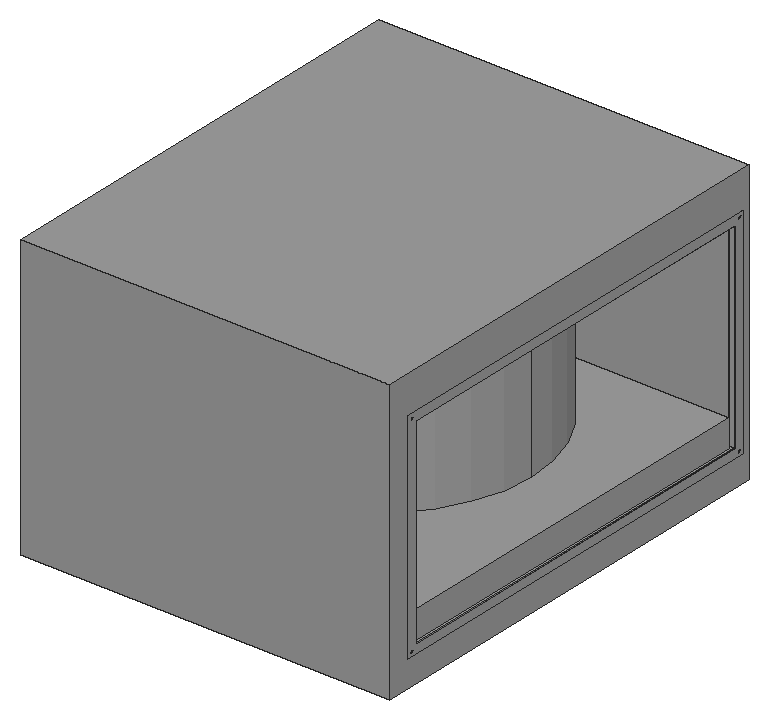
Revit family "BIMLIB_КанальныйВентилятор_IRF-VIM_IRF-B-VIM_IRF-B-EC_SHUFT", category Оборудование, Revit 2017
Family settings
  Размер круглого соединителя = Использовать диаметр
  Тип детали = Вставляется
  На основе рабочей плоскости = Нет
  Всегда вертикально = Да
  При загрузке вырезать с полостями = Нет
  Общий = Нет
  Точка расчета площади = Нет
Parameters (values of type "IRFD-B EC 1000x500")
  Повернуть УГО [instance] = yes
  Описание = "Корпус вентиляторов серии RFE-B EC изготовлен из оцинкованной стали. Вентиляторы оборудованы высокоэффективной крыльчаткой с вперед загнутыми лопатками и асинхронным двигателем с внешним ротором IP54, клеммная коробка IP55. Рабочее колесо установлено методом напрессовки непосредственно на ротор электродвигателя. Электродвигатель с рабочим колесом статически и динамически сбалансированы в двух плоскостях. Шариковые подшипники двигателя не требуют техобслуживания. Защита двигателя вентилятора осуществляется встроенными термоконтактами, требующими подключения внешнего защитного термореле. В случае применения пятиступенчатых регуляторов скорости TRE-T и TRD-T дополнительное защитное термореле не нужно. Регулирование скорости вентилятора осуществляется путем изменения напряжения за счет использования пятиступенчатых трансформаторов TRE-T, TRD-T или однофазных плавных регуляторов скорости SRE."
  Климатическое исполнение = "У2"  # constant formula
  Изготовитель = "ООО «Завод ВКО» марка SHUFT"  # constant formula
  Высота коннекторов = ADSK_Размер_Высота / 2  # 250 mm
  r1 [instance] = size_lookup("Размеры", "r1", 0 mm, H, W, Тип, if(Модификация S, 1, 0), if(Модицикация M, 1, 0))  # 390 mm
  r [instance] = d / 2  # 5 mm
  d [instance] = size_lookup("Размеры", "d", 0 mm, H, W, Тип, if(Модификация S, 1, 0), if(Модицикация M, 1, 0))  # 10 mm
  Watermark [instance] = "Модели защищены уникальным кодом"
  W3 [instance] = size_lookup("Размеры", "W3", 0 mm, H, W, Тип, if(Модификация S, 1, 0), if(Модицикация M, 1, 0))  # 1120 mm
  W2 [instance] = size_lookup("Размеры", "W2", 0 mm, H, W, Тип, if(Модификация S, 1, 0), if(Модицикация M, 1, 0))  # 1044 mm
  W1 [instance] = size_lookup("Размеры", "W1", 0 mm, H, W, Тип, if(Модификация S, 1, 0), if(Модицикация M, 1, 0))  # 1022 mm
  W = ADSK_Размер_Ширина  # 1000 mm
  Модификация S = no
  URL = "http://www.shuft.ru/"
  Тип = 35
  Модицикация M = no
  L1 [instance] = size_lookup("Размеры", "L1", 0 mm, H, W, Тип, if(Модификация S, 1, 0), if(Модицикация M, 1, 0))  # 955 mm
  L [instance] = size_lookup("Размеры", "L", 0 mm, H, W, Тип, if(Модификация S, 1, 0), if(Модицикация M, 1, 0))  # 922 mm
  IP Двигателя = "IP54"  # constant formula
  H2 [instance] = size_lookup("Размеры", "H2", 0 mm, H, W, Тип, if(Модификация S, 1, 0), if(Модицикация M, 1, 0))  # 544 mm
  H1 [instance] = size_lookup("Размеры", "H1", 0 mm, H, W, Тип, if(Модификация S, 1, 0), if(Модицикация M, 1, 0))  # 522 mm
  H3 [instance] = size_lookup("Размеры", "H3", 0 mm, H, W, Тип, if(Модификация S, 1, 0), if(Модицикация M, 1, 0))  # 705 mm
  H = ADSK_Размер_Высота  # 500 mm
  BL_Разработано = "support@bimlib.pro"  # constant formula
  BL_Email = "bimmodels@rusklimat.ru"  # constant formula
  BL_BIM library = "https://bimlib.pro/manufacturer/company/23829"
  ADSK_Частота вращения двигателя [instance] = size_lookup("Данные", "ADSK_Частота вращения двигателя", 0, H, W, L, Тип)  # 1550
  ADSK_Ток [instance] = size_lookup("Данные", "ADSK_Ток", 0 A, H, W, L, Тип)  # 5.6 A
  ADSK_Расход воздуха [instance] = 0.0 L/s
  ADSK_Размер_Ширина = 1000 mm
  ADSK_Размер_Длина [instance] = size_lookup("Размеры", "L", 0 mm, H, W, Тип, if(Модификация S, 1, 0), if(Модицикация M, 1, 0))  # 922 mm
  ADSK_Размер_Высота = 500 mm
  ADSK_Примечание [instance] = ""
  ADSK_Потеря давления воздуха [instance] = 0.0 Pa
  ADSK_Полная мощность [instance] = ADSK_Номинальная мощность / ADSK_Коэффициент мощности  # 3.5 kW
  ADSK_Позиция = ""
  ADSK_Обозначение = ""
  ADSK_Номинальная мощность [instance] = size_lookup("Данные", "ADSK_Номинальная мощность", 0 kW, H, W, L, Тип)  # 3.5 kW
  ADSK_Напряжение [instance] = size_lookup("Данные", "f", 0, H, W, L, Тип, if([230B], 1, 0), if([400B], 1, 0)) * 1 V  # 400 V
  ADSK_Наименование = "Канальный вентилятор IRFD-B EC 1000x500"
  ADSK_Материал = BIMLIB_Сталь_SHUFT
  ADSK_Масса [instance] = size_lookup("Данные", "ADSK_Масса", 0, H, W, L)  # 163
  ADSK_Марка [instance] = size_lookup("Данные", "", "Нет решения", H, W, L, Тип, if([230B], 1, 0), if([400B], 1, 0), if(Модификация S, 1, 0), if(Модицикация M, 1, 0))  # "IRFD-B EC 1000x500"
  ADSK_Коэффициент мощности = 1
  ADSK_Количество фаз = 3
  ADSK_Код изделия [instance] = ADSK_Марка  # "IRFD-B EC 1000x500"
  ADSK_Классификация нагрузок = Прочее
  ADSK_Завод-изготовитель = "ООО «Завод ВКО» марка SHUFT"  # constant formula
  ADSK_Единица измерения = "шт."  # constant formula
  ADSK_Версия семейства = "v.1"  # constant formula
  ADSK_Версия Revit = "2017"  # constant formula
  ADSK_URL страницы изделия = "http://www.shuft.ru/catalog/1/200/3000/101670/"
  ADSK_URL документации изделия = "http://www.shuft.ru/upload/downloads/passport-IRF-Vim.pdf"
  400B = yes
  230B = no
Reference planes
  plane 1 "По центру (Вперед/Назад)": y = 0
  plane 2: z = 0
  plane 3 "По центру (Влево/Вправо)": x = 0
  plane 4: x = 477.5
  plane 5: x = -477.5
  plane 6: z = 250
  plane 7: z = -250
  plane 8: y = -500
  plane 9: y = 500
  plane 10: z = -272
  plane 11: z = 272
  plane 12: y = 522
  plane 13: y = -522
  plane 14: z = -261
  plane 15: z = 261
  plane 16: y = -511
  plane 17: y = 511
  plane 18: x = 467.5
  plane 19: x = -467.5
  plane 20: x = -75
  plane 21: y = 66.6
  plane 22: y = -490
  plane 23: y = 490
  plane 24: x = -461
  plane 25: x = 461
  plane 26: z = 352.5
  plane 27: z = -352.5
  plane 28: y = -560
  plane 29: y = 560
Forms (mm)
  Extrusion 1, solid, material "BIMLIB_Сталь_SHUFT" <- "ADSK_Материал", detail levels medium+fine
    sketch origin (0, 0, 0) x (0, 1, 0) y (0, 0, 1)
      loop
        line (-500, 250) -> (-500, -250) -> (500, -250) -> (500, 250) -> (-500, 250)
      loop
        line (-499, -249) -> (499, -249) -> (499, 249) -> (-499, 249) -> (-499, -249)
    from -476.5 to 476.5
  Extrusion 2, solid, material "BIMLIB_Сталь_SHUFT" <- "ADSK_Материал", detail levels medium+fine
    sketch origin (0, 0, 0) x (0, 1, 0) y (0, 0, -1)
      loop
        line (-522, -272) -> (522, -272) -> (522, 272) -> (-522, 272) -> (-522, -272)
      loop
        line (-500, -250) -> (500, -250) -> (500, 250) -> (-500, 250) -> (-500, -250)
    from -477.5 to -476.5
  Extrusion 3, solid, material "BIMLIB_Сталь_SHUFT" <- "ADSK_Материал", detail levels medium+fine
    sketch origin (0, 0, 0) x (0, 1, 0) y (0, 0, 1)
      loop
        line (-522, 272) -> (-522, -272) -> (522, -272) -> (522, 272) -> (-522, 272)
      loop
        line (-499, 249) -> (-499, -249) -> (499, -249) -> (499, 249) -> (-499, 249)
    from -477.5 to -476.5
  Extrusion 4, void
    sketch origin (0, 0, 0) x (0, 1, 0) y (0, 0, 1)
      loop
        circle (-511, 261) r 5
      loop
        circle (511, 261) r 5
      loop
        circle (-511, -261) r 5
      loop
        circle (511, -261) r 5
    from -476.5 to -477.5
  Extrusion 5, void
    sketch origin (0, 0, 0) x (0, 1, 0) y (0, 0, -1)
      loop
        circle (-511, -261) r 5
      loop
        circle (511, -261) r 5
      loop
        circle (-511, 261) r 5
      loop
        circle (511, 261) r 5
    from -476.5 to -477.5
  Extrusion 6, solid, material "BIMLIB_Сталь_SHUFT" <- "ADSK_Материал", detail levels fine
    sketch origin (0, 0, 0.827) x (0, 1, 0) y (0, 0, 1)
      loop
        line (-490, -249.827) -> (490, -249.827) -> (490, -180.827) -> (-490, -180.827) -> (-490, -249.827)
    from 467.5 to -467.5
  Extrusion 7, solid, material "BIMLIB_Сталь_SHUFT" <- "ADSK_Материал", detail levels fine
    sketch origin (0, 0, 0) x (1, 0, 0) y (0, 1, 0)
      loop
        circle (-75, 66.6) r 390
    from 250 to -180
  Extrusion 8, solid, material "BIMLIB_Сталь_SHUFT" <- "ADSK_Материал", detail levels medium+fine
    sketch origin (0, 0, 0) x (0, 1, 0) y (0, 0, 1)
      loop
        line (-560, 352.5) -> (-560, -352.5) -> (560, -352.5) -> (560, 352.5) -> (-560, 352.5)
      loop
        line (-499, 249) -> (-499, -249) -> (499, -249) -> (499, 249) -> (-499, 249)
    from 461 to -461
Cuts and joins
  Extrusion 4, Extrusion 5 cuts Extrusion 3
  Extrusion 5 cuts Extrusion 2
Dimensions and locks
  "L1": plane 4 to plane 5
  "H": plane 6 to plane 7
  equal spacing: plane 8, plane 1 "По центру (Вперед/Назад)", plane 9
  "W": plane 8 to plane 9
  equal spacing: plane 6, level, plane 7
  equal spacing: plane 4, plane 3 "По центру (Влево/Вправо)", plane 5
  "H2": plane 11 to plane 10
  equal spacing: plane 11, level, plane 10
  "H1": plane 15 to plane 14
  equal spacing: plane 15, level, plane 14
  "W2": plane 13 to plane 12
  "W1": plane 16 to plane 17
  equal spacing: plane 16, plane 1 "По центру (Вперед/Назад)", plane 17
  locked: plane 5 to plane 19 at 10
  locked: plane 4 to plane 18 at 10
  locked: Extrusion 6 to plane 7 at 70
  locked: plane 20 to plane 3 "По центру (Влево/Вправо)" at 75
  locked: plane 1 "По центру (Вперед/Назад)" to plane 21 at 66.6
  locked: cut or joined group of Extrusion 3, Extrusion 4, Extrusion 5 to cut or joined group of Extrusion 3, Extrusion 4, Extrusion 5 at 1
  locked: cut or joined group of Extrusion 2, Extrusion 5 to cut or joined group of Extrusion 2, Extrusion 5 at 1
  locked: cut or joined group of Extrusion 2, Extrusion 5 to cut or joined group of Extrusion 2, Extrusion 5 at 22  (x4)
  equal spacing: plane 13, plane 1 "По центру (Вперед/Назад)", plane 12
  locked: plane 23 to plane 9 at 10
  locked: plane 8 to plane 22 at 10
  "L": plane 25 to plane 24
  equal spacing: plane 25, plane 3 "По центру (Влево/Вправо)", plane 24
  "H3": plane 26 to plane 27
  equal spacing: plane 26, level, plane 27
  "W3": plane 28 to plane 29
  equal spacing: plane 28, plane 1 "По центру (Вперед/Назад)", plane 29
  "r": radius of Extrusion 4 sketch curve  (x4)
  "r": radius of Extrusion 5 sketch curve  (x4)
  "r1": radius of Extrusion 7 sketch curve
  aligned and locked: level to plane 2
  aligned and locked: plane 6 to Extrusion 1
  aligned and locked: Extrusion 1 to plane 7
  aligned and locked: Extrusion 1 to Extrusion 2
  aligned and locked: plane 18 to Extrusion 6
  aligned and locked: Extrusion 6 to Extrusion 1
  aligned and locked: plane 6 to Extrusion 7
  aligned and locked: Extrusion 7 to Extrusion 6
  aligned and locked: Extrusion 4 to Extrusion 1
  aligned and locked: Extrusion 4 to plane 5
  aligned and locked: plane 4 to Extrusion 5
  aligned and locked: Extrusion 5 to Extrusion 1
  aligned and locked: cut or joined group of Extrusion 3, Extrusion 4, Extrusion 5 to Extrusion 1
  aligned and locked: cut or joined group of Extrusion 3, Extrusion 4, Extrusion 5 to plane 5
  aligned and locked: plane 4 to cut or joined group of Extrusion 2, Extrusion 5
  aligned and locked: plane 19 to Extrusion 6
  aligned and locked: plane 22 to Extrusion 6 sketch curve
  aligned and locked: plane 23 to Extrusion 6 sketch curve
  aligned and locked: Extrusion 8 sketch curve to plane 26
  aligned and locked: Extrusion 8 sketch curve to plane 28
  aligned and locked: plane 27 to Extrusion 8 sketch curve
  aligned and locked: plane 29 to Extrusion 8 sketch curve
  aligned and locked: Extrusion 8 to plane 24
  aligned and locked: plane 25 to Extrusion 8
  aligned and locked: Extrusion 8 sketch curve to Extrusion 1  (x4)
  aligned and locked: level to nested 1
  aligned and locked: nested 1 to plane 3 "По центру (Влево/Вправо)"
  aligned and locked: nested 1 to plane 1 "По центру (Вперед/Назад)"
Automatic sketch dimensions
  Extrusion 1 sketch curve to plane 7 = 0 mm
  Extrusion 1 sketch curve to plane 8 = 0 mm
  Extrusion 1 sketch curve to plane 6 = 0 mm
  Extrusion 1 sketch curve to plane 9 = 0 mm
  Extrusion 1 sketch curve to plane 8 = 1 mm
  plane 9 to Extrusion 1 sketch curve = 1 mm
  plane 7 to Extrusion 1 sketch curve = 1 mm
  Extrusion 1 sketch curve to plane 6 = 1 mm
  Extrusion 2 sketch curve to plane 10 = 0 mm
  Extrusion 2 sketch curve to plane 13 = 0 mm
  Extrusion 2 sketch curve to plane 11 = 0 mm
  Extrusion 2 sketch curve to plane 12 = 0 mm
  Extrusion 2 sketch curve to plane 8 = 0 mm
  plane 9 to Extrusion 2 sketch curve = 0 mm
  Extrusion 2 sketch curve to plane 6 = 0 mm
  plane 7 to Extrusion 2 sketch curve = 0 mm
  Extrusion 3 sketch curve to plane 10 = 0 mm
  Extrusion 3 sketch curve to plane 13 = 0 mm
  Extrusion 3 sketch curve to plane 11 = 0 mm
  Extrusion 3 sketch curve to plane 12 = 0 mm
  Extrusion 3 sketch curve to plane 8 = 1 mm
  plane 9 to Extrusion 3 sketch curve = 1 mm
  plane 7 to Extrusion 3 sketch curve = 1 mm
  Extrusion 3 sketch curve to plane 6 = 1 mm
  plane 7 to Extrusion 6 sketch curve = 1 mm
  Extrusion 6 sketch curve to Extrusion 6 sketch curve = 69 mm
  Extrusion 4 sketch curve to plane 14 = 0 mm  (x2)
  Extrusion 4 sketch curve to plane 16 = 0 mm  (x2)
  Extrusion 4 sketch curve to plane 15 = 0 mm  (x2)
  Extrusion 4 sketch curve to plane 17 = 0 mm  (x2)
  Extrusion 5 sketch curve to plane 14 = 0 mm  (x2)
  Extrusion 5 sketch curve to plane 16 = 0 mm  (x2)
  Extrusion 5 sketch curve to plane 15 = 0 mm  (x2)
  Extrusion 5 sketch curve to plane 17 = 0 mm  (x2)
  Extrusion 7 sketch curve to plane 20 = 0 mm
  plane 21 to Extrusion 7 sketch curve = 0 mm
Nested families
  nested 1: "BIMLIB_УГО_SHUFT" at (0, 0, 0) x (-1, 0, 0) z (0, 0, 1), УГО сверху <- "Повернуть УГО", Высота <- "ADSK_Размер_Высота", Длина <- "L1", Ширина <- "ADSK_Размер_Ширина", type "BIMLIB_УГО_SHUFT", detail levels coarse
    with Ширина/4 250 mm, Ширина 1000 mm, УГО спереди no, УГО сверху yes, Длина 955 mm, Высота/4 125 mm, Высота УГО 3д План 126 mm, Высота 500 mm
Connectors
  hvac at (-477.5, 0, 0), driven by "ADSK_Расход воздуха", driven by "ADSK_Размер_Высота", driven by "ADSK_Размер_Ширина", driven by "ADSK_Потеря давления воздуха"
    settings: on cut or joined group of Extrusion 3, Extrusion 4, Extrusion 5, index 1, duct flow 0.0 L/s, flow factor 0, pres drop 0.0 Pa, loss coef 0, conn angle 0.00°, conn width 1000 mm, conn height 500 mm, conn diameter 609.6 mm, duct sys type 29, conn prof type 1, flow config 0, flow direction 2, loss method 0, conn ref index 2, conn util no, is conn primary no, conn desc "Наружный воздух"
  hvac at (477.5, 0, 0), driven by "ADSK_Расход воздуха", driven by "ADSK_Размер_Высота", driven by "ADSK_Размер_Ширина", driven by "ADSK_Потеря давления воздуха"
    settings: on cut or joined group of Extrusion 2, Extrusion 5, index 2, duct flow 0.0 L/s, flow factor 0, pres drop 0.0 Pa, loss coef 0, conn angle 0.00°, conn width 1000 mm, conn height 500 mm, conn diameter 609.6 mm, duct sys type 29, conn prof type 1, flow config 0, flow direction 1, loss method 0, conn ref index 1, conn util no, is conn primary yes, conn desc "Приточный воздух"
  electrical at (0, 0, 352.5), driven by "ADSK_Количество фаз", driven by "ADSK_Классификация нагрузок", driven by "ADSK_Напряжение", driven by "ADSK_Номинальная мощность", driven by "ADSK_Коэффициент мощности"
    settings: on Extrusion 8, index 3, voltage 400 V, apparent load 3.5 kW, apparent load phase1 0 kW, apparent load phase2 0 kW, apparent load phase3 0 kW, power factor 1, load classification "Прочее", number of poles 3, system type 30, power factor state 1, is connector primary yes, connector utility no, sub classification motor no, connector description "Электрический соединитель"
Definition of nested family "BIMLIB_УГО_SHUFT"
  Parameters (values of type "BIMLIB_УГО_SHUFT")
    Ширина/4 [instance] = Ширина / 4  # 105 mm
    Ширина [instance] = 420 mm
    УГО спереди [instance] = not(УГО сверху)  # no
    УГО сверху [instance] = yes
    Высота/4 [instance] = Высота / 4  # 63 mm
    Длина [instance] = 810 mm
    Высота УГО 3д План [instance] = 126 mm
    Высота 1 = 252 mm
    Высота [instance] = 252 mm
  Reference planes
    plane 1 "По центру (Вперед/Назад)": y = 0
    plane 2: z = 0
    plane 3 "По центру (Влево/Вправо)": x = 0
    plane 4: x = -405
    plane 5: x = 405
    plane 6: y = 210
    plane 7: y = -210
    plane 8: z = 126
    plane 9: z = 63
    plane 10: y = 105
    plane 11: y = -105
    plane 12 "УГО": z = 126
    plane 13: z = -63
    plane 14: z = -126
  Lines and regions (mm)
    model lines, visible <- "УГО спереди", detail levels coarse
      curve 1: line (-405, 0, 126) -> (-405, 0, -126)
      curve 2: line (-405, 0, -126) -> (405, 0, -126)
      curve 3: line (405, 0, -126) -> (405, 0, 126)
      curve 4: line (405, 0, 126) -> (-405, 0, 126)
      curve 20: line (-17.124, 0, -46.976) -> (-17.124, 0, 46.976)
      curve 21: line (-17.124, 0, 46.976) -> (50, 0, 0)
      curve 22: circle (0, 0, 0) r 50 normal (0, -1, 0)
      curve 23: line (50, 0, 0) -> (-17.124, 0, -46.976)
    model lines, visible <- "УГО сверху", detail levels coarse
      curve 5: line (-405, 210, 0) -> (-405, -210, 0)
      curve 6: line (-405, -210, 0) -> (405, -210, 0)
      curve 7: line (405, -210, 0) -> (405, 210, 0)
      curve 8: line (405, 210, 0) -> (-405, 210, 0)
      curve 9: line (-38.707, 60.625, 0) -> (71.928, 0, 0)
      curve 10: line (71.928, 0, 0) -> (-38.707, -60.625, 0)
      curve 11: line (-38.707, -60.625, 0) -> (-38.707, 60.625, 0)
      curve 24: circle (0, 0, 0) r 71.928 normal (0, 0, 1)
    symbolic lines, detail levels coarse
      curve 12: line (-405, 0, 126) -> (-405, 0, -126)
      curve 13: line (-405, 0, -126) -> (405, 0, -126)
      curve 14: line (405, 0, -126) -> (405, 0, 126)
      curve 15: line (405, 0, 126) -> (-405, 0, 126)
      curve 16: line (-405, 210, 0) -> (-405, -210, 0)
      curve 17: line (-405, -210, 0) -> (405, -210, 0)
      curve 18: line (405, -210, 0) -> (405, 210, 0)
      curve 19: line (405, 210, 0) -> (-405, 210, 0)
      curve 25: circle (0, 0, 0) r 71.928 normal (0, 0, 1)
      curve 26: line (-38.707, 60.625, 0) -> (-38.707, -60.625, 0)
      curve 27: line (-38.707, -60.625, 0) -> (71.928, 0, 0)
      curve 28: line (71.928, 0, 0) -> (-38.707, 60.625, 0)
      curve 29: circle (0, 0, 0) r 50 normal (0, -1, 0)
      curve 30: line (50, 0, 0) -> (-17.101, 0, 46.985)
      curve 31: line (-17.101, 0, 46.985) -> (-17.101, 0, -46.985)
      curve 32: line (50, 0, 0) -> (-17.101, 0, -46.985)
  Dimensions and locks
    equal spacing: plane 4, plane 3 "По центру (Влево/Вправо)", plane 5
    "Длина": plane 4 to plane 5
    "Ширина": plane 7 to plane 6
    equal spacing: plane 6, plane 10, plane 1 "По центру (Вперед/Назад)", plane 11, plane 7
    "Высота": plane 12 "УГО" to plane 14
    equal spacing: plane 12 "УГО", plane 9, level, plane 13, plane 14
    aligned and locked: level to plane 2
    aligned and locked: plane 8 to curve 15
    aligned and locked: curve 5 to plane 4
    aligned and locked: plane 5 to curve 7
    aligned and locked: plane 14 to curve 13
    aligned and locked: plane 12 "УГО" to curve 15
  Automatic sketch dimensions
    curve 24 to curve 25 = 0 mm  (x2)
    plane 1 "По центру (Вперед/Назад)" to curve 25 = 0 mm
    curve 25 to plane 3 "По центру (Влево/Вправо)" = 0 mm
    plane 1 "По центру (Вперед/Назад)" to curve 28 = 0 mm
    plane 1 "По центру (Вперед/Назад)" to curve 9 = 0 mm
    plane 1 "По центру (Вперед/Назад)" to curve 27 = 0 mm
    plane 7 to curve 16 = 0 mm
    curve 19 to plane 6 = 0 mm
    curve 9 to plane 3 "По центру (Влево/Вправо)" = 38.707 mm
    plane 3 "По центру (Влево/Вправо)" to curve 9 = 71.928 mm
    curve 27 to curve 10 = 0 mm
    curve 28 to curve 9 = 0 mm
    curve 22 to curve 29 = 0 mm  (x2)
    curve 1 to plane 4 = 0 mm
    curve 29 to level = 0 mm
    curve 29 to plane 3 "По центру (Влево/Вправо)" = 0 mm
    curve 21 to level = 0 mm
    curve 32 to level = 0 mm
    curve 15 to plane 5 = 0 mm
    curve 21 to plane 3 "По центру (Влево/Вправо)" = 17.124 mm
    curve 20 to curve 30 = 0.023 mm
    plane 3 "По центру (Влево/Вправо)" to curve 21 = 50 mm
    curve 32 to curve 21 = 0 mm
    radius of curve 25 = 71.928 mm
Types (38, lengths in mm): name | Описание | Высота коннекторов | r1 | r | d | W3 | W2 | W1 | W | Модификация S | Тип | L1 | L | H2 | H1 | H3 | H | ADSK_Частота вращения двигателя | ADSK_Ток | ADSK_Размер_Ширина | ADSK_Размер_Длина | ADSK_Размер_Высота | ADSK_Полная мощность | ADSK_Номинальная мощность | ADSK_Напряжение | ADSK_Наименование | ADSK_Масса | ADSK_Марка | ADSK_Количество фаз | ADSK_Код изделия | ADSK_URL страницы изделия | 400B | 230B
  (no name) | "Корпус вентиляторов серии RFE-B EC изготовлен из оцинкованной стали. Вентиляторы оборудованы высокоэффективной крыльчаткой с вперед загнутыми лопатками и асинхронным двигателем с внешним ротором IP54, клеммная коробка IP55. Рабочее колесо установлено методом напрессовки непосредственно на ротор электродвигателя. Электродвигатель с рабочим колесом статически и динамически сбалансированы в двух плоскостях. Шариковые подшипники двигателя не требуют техобслуживания. Защита двигателя вентилятора осуществляется встроенными термоконтактами, требующими подключения внешнего защитного термореле. В случае применения пятиступенчатых регуляторов скорости TRE-T и TRD-T дополнительное защитное термореле не нужно. Регулирование скорости вентилятора осуществляется путем изменения напряжения за счет использования пятиступенчатых трансформаторов TRE-T, TRD-T или однофазных плавных регуляторов скорости SRE." | 250 | 390 | 5 | 10 | 1120 | 1044 | 1022 | 1000 | no | 35 | 955 | 922 | 544 | 522 | 705 | 500 | 1550 | 5.6 A | 1000 | 922 | 500 | 3.5 kW | 3.5 kW | 400 V | "Канальный вентилятор IRFD-B EC 1000x500" | 163 | "IRFD-B EC 1000x500" | 3 | "IRFD-B EC 1000x500" | "http://www.shuft.ru/catalog/1/200/3000/101670/" | yes | no
  IRFE 400х200-4 VIM | "Корпус вентиляторов серии IRF VIM изготовлен из оцинкованной стали с 50-мм слоем звукотеплоизоляции из базальтовой минеральной ваты.Вентиляторы оборудованы высокоэффективной крыльчаткой с вперед загнутыми лопатками (IRF-B - с назад загнутыми лопатками) и асинхронным двигателем с внешним ротором IP54 (IRF 400х200, IRF-B 500х250 - IP44), клеммная коробка IP55. Рабочее колесо установлено методом напрессовки непосредственно на ротор электродвигателя. Электродвигатель с рабочим колесом статически и динамически сбалансированы в двух плоскостях. Шариковые подшипники двигателя не требуют техобслуживания.Зашита двигателя вентилятора осуществляется термореле или термоконтактами, требующими подключения внешнего защитного термореле. В случае применения пятиступенчатых регуляторов скорости TRE-T, TRD-T дополнительное защитное термореле не нужно. Регулирование скорости вентилятора осуществляется путем изменения напряжения за счет использования пятиступенчатых трансформаторов TR или однофазных плавных регуляторов скорости SRE." | 100 | 120 | 4.5 | 9 | 508 | 442 | 422 | 400 | no | 1 | 450 | 430 | 242 | 222 | 352 | 200 | 1340 | 1.4 A | 400 | 430 | 200 | 0.32 kW | 0.32 kW | 230 V | "Канальный вентилятор IRFE 400х200-4 VIM" | 21 | "IRFE 400х200-4 VIM" | 1 | "IRFE 400х200-4 VIM" | "http://www.shuft.ru/catalog/1/200/3000/4012/" | no | yes
  IRFD 400х200-4 VIM | "Корпус вентиляторов серии IRF VIM изготовлен из оцинкованной стали с 50-мм слоем звукотеплоизоляции из базальтовой минеральной ваты.Вентиляторы оборудованы высокоэффективной крыльчаткой с вперед загнутыми лопатками (IRF-B - с назад загнутыми лопатками) и асинхронным двигателем с внешним ротором IP54 (IRF 400х200, IRF-B 500х250 - IP44), клеммная коробка IP55. Рабочее колесо установлено методом напрессовки непосредственно на ротор электродвигателя. Электродвигатель с рабочим колесом статически и динамически сбалансированы в двух плоскостях. Шариковые подшипники двигателя не требуют техобслуживания.Зашита двигателя вентилятора осуществляется термореле или термоконтактами, требующими подключения внешнего защитного термореле. В случае применения пятиступенчатых регуляторов скорости TRE-T, TRD-T дополнительное защитное термореле не нужно. Регулирование скорости вентилятора осуществляется путем изменения напряжения за счет использования пятиступенчатых трансформаторов TR или однофазных плавных регуляторов скорости SRE." | 100 | 120 | 4.5 | 9 | 508 | 442 | 422 | 400 | no | 2 | 450 | 430 | 242 | 222 | 352 | 200 | 1300 | 0.58 A | 400 | 430 | 200 | 0.3 kW | 0.3 kW | 400 V | "Канальный вентилятор IRFD 400х200-4 VIM" | 21 | "IRFD 400х200-4 VIM" | 3 | "IRFD 400х200-4 VIM" | "http://www.shuft.ru/catalog/1/200/3000/4012/" | yes | no
  IRFE 500x250-4 VIM | "Корпус вентиляторов серии IRF VIM изготовлен из оцинкованной стали с 50-мм слоем звукотеплоизоляции из базальтовой минеральной ваты.Вентиляторы оборудованы высокоэффективной крыльчаткой с вперед загнутыми лопатками (IRF-B - с назад загнутыми лопатками) и асинхронным двигателем с внешним ротором IP54 (IRF 400х200, IRF-B 500х250 - IP44), клеммная коробка IP55. Рабочее колесо установлено методом напрессовки непосредственно на ротор электродвигателя. Электродвигатель с рабочим колесом статически и динамически сбалансированы в двух плоскостях. Шариковые подшипники двигателя не требуют техобслуживания.Зашита двигателя вентилятора осуществляется термореле или термоконтактами, требующими подключения внешнего защитного термореле. В случае применения пятиступенчатых регуляторов скорости TRE-T, TRD-T дополнительное защитное термореле не нужно. Регулирование скорости вентилятора осуществляется путем изменения напряжения за счет использования пятиступенчатых трансформаторов TR или однофазных плавных регуляторов скорости SRE." | 125 | 170 | 4.5 | 9 | 615 | 542 | 522 | 500 | no | 3 | 535 | 508 | 292 | 272 | 402 | 250 | 1300 | 2.15 A | 500 | 508 | 250 | 0.47 kW | 0.47 kW | 230 V | "Канальный вентилятор IRFE 500x250-4 VIM" | 23 | "IRFE 500x250-4 VIM" | 1 | "IRFE 500x250-4 VIM" | "http://www.shuft.ru/catalog/1/200/3000/4012/" | no | yes
  IRFD 500x250-4 VIM | "Корпус вентиляторов серии IRF VIM изготовлен из оцинкованной стали с 50-мм слоем звукотеплоизоляции из базальтовой минеральной ваты.Вентиляторы оборудованы высокоэффективной крыльчаткой с вперед загнутыми лопатками (IRF-B - с назад загнутыми лопатками) и асинхронным двигателем с внешним ротором IP54 (IRF 400х200, IRF-B 500х250 - IP44), клеммная коробка IP55. Рабочее колесо установлено методом напрессовки непосредственно на ротор электродвигателя. Электродвигатель с рабочим колесом статически и динамически сбалансированы в двух плоскостях. Шариковые подшипники двигателя не требуют техобслуживания.Зашита двигателя вентилятора осуществляется термореле или термоконтактами, требующими подключения внешнего защитного термореле. В случае применения пятиступенчатых регуляторов скорости TRE-T, TRD-T дополнительное защитное термореле не нужно. Регулирование скорости вентилятора осуществляется путем изменения напряжения за счет использования пятиступенчатых трансформаторов TR или однофазных плавных регуляторов скорости SRE." | 125 | 170 | 4.5 | 9 | 615 | 542 | 522 | 500 | no | 4 | 535 | 508 | 292 | 272 | 395 | 250 | 1340 | 0.9 A | 500 | 508 | 250 | 0.47 kW | 0.47 kW | 400 V | "Канальный вентилятор IRFD 500x250-4 VIM" | 23 | "IRFD 500x250-4 VIM" | 3 | "IRFD 500x250-4 VIM" | "http://www.shuft.ru/catalog/1/200/3000/4012/" | yes | no
  IRFE 500x300-4 VIM | "Корпус вентиляторов серии IRF VIM изготовлен из оцинкованной стали с 50-мм слоем звукотеплоизоляции из базальтовой минеральной ваты.Вентиляторы оборудованы высокоэффективной крыльчаткой с вперед загнутыми лопатками (IRF-B - с назад загнутыми лопатками) и асинхронным двигателем с внешним ротором IP54 (IRF 400х200, IRF-B 500х250 - IP44), клеммная коробка IP55. Рабочее колесо установлено методом напрессовки непосредственно на ротор электродвигателя. Электродвигатель с рабочим колесом статически и динамически сбалансированы в двух плоскостях. Шариковые подшипники двигателя не требуют техобслуживания.Зашита двигателя вентилятора осуществляется термореле или термоконтактами, требующими подключения внешнего защитного термореле. В случае применения пятиступенчатых регуляторов скорости TRE-T, TRD-T дополнительное защитное термореле не нужно. Регулирование скорости вентилятора осуществляется путем изменения напряжения за счет использования пятиступенчатых трансформаторов TR или однофазных плавных регуляторов скорости SRE." | 150 | 175 | 4.5 | 9 | 615 | 542 | 522 | 500 | no | 5 | 565 | 545 | 342 | 322 | 452 | 300 | 1390 | 4 A | 500 | 545 | 300 | 0.91 kW | 0.91 kW | 230 V | "Канальный вентилятор IRFE 500x300-4 VIM" | 28 | "IRFE 500x300-4 VIM" | 1 | "IRFE 500x300-4 VIM" | "http://www.shuft.ru/catalog/1/200/3000/4012/" | no | yes
  IRFD 500x300-4 VIM | "Корпус вентиляторов серии IRF VIM изготовлен из оцинкованной стали с 50-мм слоем звукотеплоизоляции из базальтовой минеральной ваты.Вентиляторы оборудованы высокоэффективной крыльчаткой с вперед загнутыми лопатками (IRF-B - с назад загнутыми лопатками) и асинхронным двигателем с внешним ротором IP54 (IRF 400х200, IRF-B 500х250 - IP44), клеммная коробка IP55. Рабочее колесо установлено методом напрессовки непосредственно на ротор электродвигателя. Электродвигатель с рабочим колесом статически и динамически сбалансированы в двух плоскостях. Шариковые подшипники двигателя не требуют техобслуживания.Зашита двигателя вентилятора осуществляется термореле или термоконтактами, требующими подключения внешнего защитного термореле. В случае применения пятиступенчатых регуляторов скорости TRE-T, TRD-T дополнительное защитное термореле не нужно. Регулирование скорости вентилятора осуществляется путем изменения напряжения за счет использования пятиступенчатых трансформаторов TR или однофазных плавных регуляторов скорости SRE." | 150 | 175 | 4.5 | 9 | 615 | 542 | 522 | 500 | no | 6 | 565 | 545 | 342 | 322 | 452 | 300 | 1380 | 1.72 A | 500 | 545 | 300 | 0.86 kW | 0.86 kW | 400 V | "Канальный вентилятор IRFD 500x300-4 VIM" | 28 | "IRFD 500x300-4 VIM" | 3 | "IRFD 500x300-4 VIM" | "http://www.shuft.ru/catalog/1/200/3000/4012/" | yes | no
  IRFE 600x300-4 VIM | "Корпус вентиляторов серии IRF VIM изготовлен из оцинкованной стали с 50-мм слоем звукотеплоизоляции из базальтовой минеральной ваты.Вентиляторы оборудованы высокоэффективной крыльчаткой с вперед загнутыми лопатками (IRF-B - с назад загнутыми лопатками) и асинхронным двигателем с внешним ротором IP54 (IRF 400х200, IRF-B 500х250 - IP44), клеммная коробка IP55. Рабочее колесо установлено методом напрессовки непосредственно на ротор электродвигателя. Электродвигатель с рабочим колесом статически и динамически сбалансированы в двух плоскостях. Шариковые подшипники двигателя не требуют техобслуживания.Зашита двигателя вентилятора осуществляется термореле или термоконтактами, требующими подключения внешнего защитного термореле. В случае применения пятиступенчатых регуляторов скорости TRE-T, TRD-T дополнительное защитное термореле не нужно. Регулирование скорости вентилятора осуществляется путем изменения напряжения за счет использования пятиступенчатых трансформаторов TR или однофазных плавных регуляторов скорости SRE." | 150 | 215 | 4.5 | 9 | 720 | 642 | 622 | 600 | no | 7 | 645 | 625 | 342 | 322 | 452 | 300 | 1350 | 5.5 A | 600 | 625 | 300 | 1.25 kW | 1.25 kW | 230 V | "Канальный вентилятор IRFE 600x300-4 VIM" | 38 | "IRFE 600x300-4 VIM" | 1 | "IRFE 600x300-4 VIM" | "http://www.shuft.ru/catalog/1/200/3000/4012/" | no | yes
  IRFD 600x300-4 VIM | "Корпус вентиляторов серии IRF VIM изготовлен из оцинкованной стали с 50-мм слоем звукотеплоизоляции из базальтовой минеральной ваты.Вентиляторы оборудованы высокоэффективной крыльчаткой с вперед загнутыми лопатками (IRF-B - с назад загнутыми лопатками) и асинхронным двигателем с внешним ротором IP54 (IRF 400х200, IRF-B 500х250 - IP44), клеммная коробка IP55. Рабочее колесо установлено методом напрессовки непосредственно на ротор электродвигателя. Электродвигатель с рабочим колесом статически и динамически сбалансированы в двух плоскостях. Шариковые подшипники двигателя не требуют техобслуживания.Зашита двигателя вентилятора осуществляется термореле или термоконтактами, требующими подключения внешнего защитного термореле. В случае применения пятиступенчатых регуляторов скорости TRE-T, TRD-T дополнительное защитное термореле не нужно. Регулирование скорости вентилятора осуществляется путем изменения напряжения за счет использования пятиступенчатых трансформаторов TR или однофазных плавных регуляторов скорости SRE." | 150 | 215 | 4.5 | 9 | 720 | 642 | 622 | 600 | no | 8 | 645 | 625 | 342 | 322 | 452 | 300 | 1350 | 2.54 A | 600 | 625 | 300 | 1.4 kW | 1.4 kW | 400 V | "Канальный вентилятор IRFD 600x300-4 VIM" | 38 | "IRFD 600x300-4 VIM" | 3 | "IRFD 600x300-4 VIM" | "http://www.shuft.ru/catalog/1/200/3000/4012/" | yes | no
  IRFE 600x350-4 VIM | "Корпус вентиляторов серии IRF VIM изготовлен из оцинкованной стали с 50-мм слоем звукотеплоизоляции из базальтовой минеральной ваты.Вентиляторы оборудованы высокоэффективной крыльчаткой с вперед загнутыми лопатками (IRF-B - с назад загнутыми лопатками) и асинхронным двигателем с внешним ротором IP54 (IRF 400х200, IRF-B 500х250 - IP44), клеммная коробка IP55. Рабочее колесо установлено методом напрессовки непосредственно на ротор электродвигателя. Электродвигатель с рабочим колесом статически и динамически сбалансированы в двух плоскостях. Шариковые подшипники двигателя не требуют техобслуживания.Зашита двигателя вентилятора осуществляется термореле или термоконтактами, требующими подключения внешнего защитного термореле. В случае применения пятиступенчатых регуляторов скорости TRE-T, TRD-T дополнительное защитное термореле не нужно. Регулирование скорости вентилятора осуществляется путем изменения напряжения за счет использования пятиступенчатых трансформаторов TR или однофазных плавных регуляторов скорости SRE." | 175 | 215 | 5 | 10 | 720 | 642 | 622 | 600 | no | 9 | 705 | 685 | 392 | 372 | 505 | 350 | 1360 | 10 A | 600 | 685 | 350 | 2.3 kW | 2.3 kW | 230 V | "Канальный вентилятор IRFE 600x350-4 VIM" | 31 | "IRFE 600x350-4 VIM" | 1 | "IRFE 600x350-4 VIM" | "http://www.shuft.ru/catalog/1/200/3000/4012/" | no | yes
  IRFD 600x350-4 VIM | "Корпус вентиляторов серии IRF VIM изготовлен из оцинкованной стали с 50-мм слоем звукотеплоизоляции из базальтовой минеральной ваты.Вентиляторы оборудованы высокоэффективной крыльчаткой с вперед загнутыми лопатками (IRF-B - с назад загнутыми лопатками) и асинхронным двигателем с внешним ротором IP54 (IRF 400х200, IRF-B 500х250 - IP44), клеммная коробка IP55. Рабочее колесо установлено методом напрессовки непосредственно на ротор электродвигателя. Электродвигатель с рабочим колесом статически и динамически сбалансированы в двух плоскостях. Шариковые подшипники двигателя не требуют техобслуживания.Зашита двигателя вентилятора осуществляется термореле или термоконтактами, требующими подключения внешнего защитного термореле. В случае применения пятиступенчатых регуляторов скорости TRE-T, TRD-T дополнительное защитное термореле не нужно. Регулирование скорости вентилятора осуществляется путем изменения напряжения за счет использования пятиступенчатых трансформаторов TR или однофазных плавных регуляторов скорости SRE." | 175 | 215 | 5 | 10 | 720 | 642 | 622 | 600 | no | 10 | 705 | 685 | 392 | 372 | 505 | 350 | 1360 | 4 A | 600 | 685 | 350 | 2.2 kW | 2.2 kW | 400 V | "Канальный вентилятор IRFD 600x350-4 VIM" | 31 | "IRFD 600x350-4 VIM" | 3 | "IRFD 600x350-4 VIM" | "http://www.shuft.ru/catalog/1/200/3000/4012/" | yes | no
  IRFD 700x400-4 VIM | "Корпус вентиляторов серии IRF VIM изготовлен из оцинкованной стали с 50-мм слоем звукотеплоизоляции из базальтовой минеральной ваты.Вентиляторы оборудованы высокоэффективной крыльчаткой с вперед загнутыми лопатками (IRF-B - с назад загнутыми лопатками) и асинхронным двигателем с внешним ротором IP54 (IRF 400х200, IRF-B 500х250 - IP44), клеммная коробка IP55. Рабочее колесо установлено методом напрессовки непосредственно на ротор электродвигателя. Электродвигатель с рабочим колесом статически и динамически сбалансированы в двух плоскостях. Шариковые подшипники двигателя не требуют техобслуживания.Зашита двигателя вентилятора осуществляется термореле или термоконтактами, требующими подключения внешнего защитного термореле. В случае применения пятиступенчатых регуляторов скорости TRE-T, TRD-T дополнительное защитное термореле не нужно. Регулирование скорости вентилятора осуществляется путем изменения напряжения за счет использования пятиступенчатых трансформаторов TR или однофазных плавных регуляторов скорости SRE." | 200 | 265 | 5 | 10 | 820 | 742 | 722 | 700 | no | 12 | 785 | 755 | 442 | 422 | 533 | 400 | 1340 | 5.9 A | 700 | 755 | 400 | 3.5 kW | 3.5 kW | 400 V | "Канальный вентилятор IRFD 700x400-4 VIM" | 78 | "IRFD 700x400-4 VIM" | 3 | "IRFD 700x400-4 VIM" | "http://www.shuft.ru/catalog/1/200/3000/4012/" | yes | no
  IRFD 800x500-4 VIM | "Корпус вентиляторов серии IRF VIM изготовлен из оцинкованной стали с 50-мм слоем звукотеплоизоляции из базальтовой минеральной ваты.Вентиляторы оборудованы высокоэффективной крыльчаткой с вперед загнутыми лопатками (IRF-B - с назад загнутыми лопатками) и асинхронным двигателем с внешним ротором IP54 (IRF 400х200, IRF-B 500х250 - IP44), клеммная коробка IP55. Рабочее колесо установлено методом напрессовки непосредственно на ротор электродвигателя. Электродвигатель с рабочим колесом статически и динамически сбалансированы в двух плоскостях. Шариковые подшипники двигателя не требуют техобслуживания.Зашита двигателя вентилятора осуществляется термореле или термоконтактами, требующими подключения внешнего защитного термореле. В случае применения пятиступенчатых регуляторов скорости TRE-T, TRD-T дополнительное защитное термореле не нужно. Регулирование скорости вентилятора осуществляется путем изменения напряжения за счет использования пятиступенчатых трансформаторов TR или однофазных плавных регуляторов скорости SRE." | 250 | 315 | 5 | 10 | 920 | 842 | 822 | 800 | no | 13 | 885 | 855 | 542 | 522 | 653 | 500 | 1400 | 8 A | 800 | 855 | 500 | 4.8 kW | 4.8 kW | 400 V | "Канальный вентилятор IRFD 800x500-4 VIM" | 99 | "IRFD 800x500-4 VIM" | 3 | "IRFD 800x500-4 VIM" | "http://www.shuft.ru/catalog/1/200/3000/4012/" | yes | no
  IRFD 900x500-6M VIM | "Корпус вентиляторов серии IRF VIM изготовлен из оцинкованной стали с 50-мм слоем звукотеплоизоляции из базальтовой минеральной ваты.Вентиляторы оборудованы высокоэффективной крыльчаткой с вперед загнутыми лопатками (IRF-B - с назад загнутыми лопатками) и асинхронным двигателем с внешним ротором IP54 (IRF 400х200, IRF-B 500х250 - IP44), клеммная коробка IP55. Рабочее колесо установлено методом напрессовки непосредственно на ротор электродвигателя. Электродвигатель с рабочим колесом статически и динамически сбалансированы в двух плоскостях. Шариковые подшипники двигателя не требуют техобслуживания.Зашита двигателя вентилятора осуществляется термореле или термоконтактами, требующими подключения внешнего защитного термореле. В случае применения пятиступенчатых регуляторов скорости TRE-T, TRD-T дополнительное защитное термореле не нужно. Регулирование скорости вентилятора осуществляется путем изменения напряжения за счет использования пятиступенчатых трансформаторов TR или однофазных плавных регуляторов скорости SRE." | 250 | 370 | 5 | 10 | 1010 | 940 | 920 | 900 | no | 14 | 980 | 952 | 540 | 520 | 662 | 500 | 930 | 6 A | 900 | 952 | 500 | 3.5 kW | 3.5 kW | 400 V | "Канальный вентилятор IRFD 900x500-6M VIM" | 55 | "IRFD 900x500-6M VIM" | 3 | "IRFD 900x500-6M VIM" | "http://www.shuft.ru/catalog/1/200/3000/4012/" | yes | no
  IRFD 900x500-4M VIM | "Корпус вентиляторов серии IRF VIM изготовлен из оцинкованной стали с 50-мм слоем звукотеплоизоляции из базальтовой минеральной ваты.Вентиляторы оборудованы высокоэффективной крыльчаткой с вперед загнутыми лопатками (IRF-B - с назад загнутыми лопатками) и асинхронным двигателем с внешним ротором IP54 (IRF 400х200, IRF-B 500х250 - IP44), клеммная коробка IP55. Рабочее колесо установлено методом напрессовки непосредственно на ротор электродвигателя. Электродвигатель с рабочим колесом статически и динамически сбалансированы в двух плоскостях. Шариковые подшипники двигателя не требуют техобслуживания.Зашита двигателя вентилятора осуществляется термореле или термоконтактами, требующими подключения внешнего защитного термореле. В случае применения пятиступенчатых регуляторов скорости TRE-T, TRD-T дополнительное защитное термореле не нужно. Регулирование скорости вентилятора осуществляется путем изменения напряжения за счет использования пятиступенчатых трансформаторов TR или однофазных плавных регуляторов скорости SRE." | 250 | 370 | 5 | 10 | 1010 | 940 | 920 | 900 | no | 15 | 980 | 952 | 540 | 520 | 662 | 500 | 1400 | 8 A | 900 | 952 | 500 | 4.8 kW | 4.8 kW | 400 V | "Канальный вентилятор IRFD 900x500-4M VIM" | 55 | "IRFD 900x500-4M VIM" | 3 | "IRFD 900x500-4M VIM" | "http://www.shuft.ru/catalog/1/200/3000/4012/" | yes | no
  IRFD 1000x500-6M VIM | "Корпус вентиляторов серии IRF VIM изготовлен из оцинкованной стали с 50-мм слоем звукотеплоизоляции из базальтовой минеральной ваты.Вентиляторы оборудованы высокоэффективной крыльчаткой с вперед загнутыми лопатками (IRF-B - с назад загнутыми лопатками) и асинхронным двигателем с внешним ротором IP54 (IRF 400х200, IRF-B 500х250 - IP44), клеммная коробка IP55. Рабочее колесо установлено методом напрессовки непосредственно на ротор электродвигателя. Электродвигатель с рабочим колесом статически и динамически сбалансированы в двух плоскостях. Шариковые подшипники двигателя не требуют техобслуживания.Зашита двигателя вентилятора осуществляется термореле или термоконтактами, требующими подключения внешнего защитного термореле. В случае применения пятиступенчатых регуляторов скорости TRE-T, TRD-T дополнительное защитное термореле не нужно. Регулирование скорости вентилятора осуществляется путем изменения напряжения за счет использования пятиступенчатых трансформаторов TR или однофазных плавных регуляторов скорости SRE." | 250 | 390 | 5 | 10 | 1120 | 1042 | 1022 | 1000 | no | 17 | 985 | 955 | 542 | 522 | 653 | 500 | 930 | 6 A | 1000 | 955 | 500 | 3.5 kW | 3.5 kW | 400 V | "Канальный вентилятор IRFD 1000x500-6M VIM" | 60 | "IRFD 1000x500-6M VIM" | 3 | "IRFD 1000x500-6M VIM" | "http://www.shuft.ru/catalog/1/200/3000/4012/" | yes | no
  IRFD 1000x500-4 VIM | "Корпус вентиляторов серии IRF VIM изготовлен из оцинкованной стали с 50-мм слоем звукотеплоизоляции из базальтовой минеральной ваты.Вентиляторы оборудованы высокоэффективной крыльчаткой с вперед загнутыми лопатками (IRF-B - с назад загнутыми лопатками) и асинхронным двигателем с внешним ротором IP54 (IRF 400х200, IRF-B 500х250 - IP44), клеммная коробка IP55. Рабочее колесо установлено методом напрессовки непосредственно на ротор электродвигателя. Электродвигатель с рабочим колесом статически и динамически сбалансированы в двух плоскостях. Шариковые подшипники двигателя не требуют техобслуживания.Зашита двигателя вентилятора осуществляется термореле или термоконтактами, требующими подключения внешнего защитного термореле. В случае применения пятиступенчатых регуляторов скорости TRE-T, TRD-T дополнительное защитное термореле не нужно. Регулирование скорости вентилятора осуществляется путем изменения напряжения за счет использования пятиступенчатых трансформаторов TR или однофазных плавных регуляторов скорости SRE." | 250 | 390 | 5 | 10 | 1120 | 1042 | 1022 | 1000 | no | 18 | 985 | 955 | 542 | 522 | 653 | 500 | 1180 | 8.3 A | 1000 | 955 | 500 | 4.9 kW | 4.9 kW | 400 V | "Канальный вентилятор IRFD 1000x500-4 VIM" | 60 | "IRFD 1000x500-4 VIM" | 3 | "IRFD 1000x500-4 VIM" | "http://www.shuft.ru/catalog/1/200/3000/4012/" | yes | no
  IRFE-B EC 300x150 | "Корпус вентиляторов серии RFE-B EC изготовлен из оцинкованной стали. Вентиляторы оборудованы высокоэффективной крыльчаткой с вперед загнутыми лопатками и асинхронным двигателем с внешним ротором IP54, клеммная коробка IP55. Рабочее колесо установлено методом напрессовки непосредственно на ротор электродвигателя. Электродвигатель с рабочим колесом статически и динамически сбалансированы в двух плоскостях. Шариковые подшипники двигателя не требуют техобслуживания. Защита двигателя вентилятора осуществляется встроенными термоконтактами, требующими подключения внешнего защитного термореле. В случае применения пятиступенчатых регуляторов скорости TRE-T и TRD-T дополнительное защитное термореле не нужно. Регулирование скорости вентилятора осуществляется путем изменения напряжения за счет использования пятиступенчатых трансформаторов TRE-T, TRD-T или однофазных плавных регуляторов скорости SRE." | 75 | 80 | 4.5 | 9 | 360 | 344 | 322 | 300 | no | 19 | 401 | 370 | 194 | 172 | 228 | 150 | 4000 | 1.75 A | 300 | 370 | 150 | 0.17 kW | 0.17 kW | 230 V | "Канальный вентилятор IRFE-B EC 300x150" | 11 | "IRFE-B EC 300x150" | 1 | "IRFE-B EC 300x150" | "http://www.shuft.ru/catalog/1/200/3000/101670/" | no | yes
  IRFE-B EC 400x200 | "Корпус вентиляторов серии RFE-B EC изготовлен из оцинкованной стали. Вентиляторы оборудованы высокоэффективной крыльчаткой с вперед загнутыми лопатками и асинхронным двигателем с внешним ротором IP54, клеммная коробка IP55. Рабочее колесо установлено методом напрессовки непосредственно на ротор электродвигателя. Электродвигатель с рабочим колесом статически и динамически сбалансированы в двух плоскостях. Шариковые подшипники двигателя не требуют техобслуживания. Защита двигателя вентилятора осуществляется встроенными термоконтактами, требующими подключения внешнего защитного термореле. В случае применения пятиступенчатых регуляторов скорости TRE-T и TRD-T дополнительное защитное термореле не нужно. Регулирование скорости вентилятора осуществляется путем изменения напряжения за счет использования пятиступенчатых трансформаторов TRE-T, TRD-T или однофазных плавных регуляторов скорости SRE." | 100 | 120 | 4.5 | 9 | 460 | 444 | 422 | 400 | no | 20 | 401 | 370 | 244 | 222 | 278 | 200 | 4000 | 1.75 A | 400 | 370 | 200 | 0.17 kW | 0.17 kW | 230 V | "Канальный вентилятор IRFE-B EC 400x200" | 17 | "IRFE-B EC 400x200" | 1 | "IRFE-B EC 400x200" | "http://www.shuft.ru/catalog/1/200/3000/101670/" | no | yes
  IRFE-B EC 400x200-S | "Корпус вентиляторов серии RFE-B EC изготовлен из оцинкованной стали. Вентиляторы оборудованы высокоэффективной крыльчаткой с вперед загнутыми лопатками и асинхронным двигателем с внешним ротором IP54, клеммная коробка IP55. Рабочее колесо установлено методом напрессовки непосредственно на ротор электродвигателя. Электродвигатель с рабочим колесом статически и динамически сбалансированы в двух плоскостях. Шариковые подшипники двигателя не требуют техобслуживания. Защита двигателя вентилятора осуществляется встроенными термоконтактами, требующими подключения внешнего защитного термореле. В случае применения пятиступенчатых регуляторов скорости TRE-T и TRD-T дополнительное защитное термореле не нужно. Регулирование скорости вентилятора осуществляется путем изменения напряжения за счет использования пятиступенчатых трансформаторов TRE-T, TRD-T или однофазных плавных регуляторов скорости SRE." | 100 | 120 | 4.5 | 9 | 460 | 444 | 422 | 400 | yes | 21 | 466 | 435 | 244 | 222 | 280 | 200 | 2860 | 1.75 A | 400 | 435 | 200 | 0.17 kW | 0.17 kW | 230 V | "Канальный вентилятор IRFE-B EC 400x200-S" | 18 | "IRFE-B EC 400x200-S" | 1 | "IRFE-B EC 400x200-S" | "http://www.shuft.ru/catalog/1/200/3000/101670/" | no | yes
  IRFE-B EC 500x250 | "Корпус вентиляторов серии RFE-B EC изготовлен из оцинкованной стали. Вентиляторы оборудованы высокоэффективной крыльчаткой с вперед загнутыми лопатками и асинхронным двигателем с внешним ротором IP54, клеммная коробка IP55. Рабочее колесо установлено методом напрессовки непосредственно на ротор электродвигателя. Электродвигатель с рабочим колесом статически и динамически сбалансированы в двух плоскостях. Шариковые подшипники двигателя не требуют техобслуживания. Защита двигателя вентилятора осуществляется встроенными термоконтактами, требующими подключения внешнего защитного термореле. В случае применения пятиступенчатых регуляторов скорости TRE-T и TRD-T дополнительное защитное термореле не нужно. Регулирование скорости вентилятора осуществляется путем изменения напряжения за счет использования пятиступенчатых трансформаторов TRE-T, TRD-T или однофазных плавных регуляторов скорости SRE." | 125 | 170 | 4.5 | 9 | 612 | 544 | 522 | 500 | no | 22 | 466 | 435 | 294 | 272 | 374 | 250 | 2860 | 1.75 A | 500 | 435 | 250 | 0.17 kW | 0.17 kW | 230 V | "Канальный вентилятор IRFE-B EC 500x250" | 24 | "IRFE-B EC 500x250" | 1 | "IRFE-B EC 500x250" | "http://www.shuft.ru/catalog/1/200/3000/101670/" | no | yes
  IRFE-B EC 500x300 | "Корпус вентиляторов серии RFE-B EC изготовлен из оцинкованной стали. Вентиляторы оборудованы высокоэффективной крыльчаткой с вперед загнутыми лопатками и асинхронным двигателем с внешним ротором IP54, клеммная коробка IP55. Рабочее колесо установлено методом напрессовки непосредственно на ротор электродвигателя. Электродвигатель с рабочим колесом статически и динамически сбалансированы в двух плоскостях. Шариковые подшипники двигателя не требуют техобслуживания. Защита двигателя вентилятора осуществляется встроенными термоконтактами, требующими подключения внешнего защитного термореле. В случае применения пятиступенчатых регуляторов скорости TRE-T и TRD-T дополнительное защитное термореле не нужно. Регулирование скорости вентилятора осуществляется путем изменения напряжения за счет использования пятиступенчатых трансформаторов TRE-T, TRD-T или однофазных плавных регуляторов скорости SRE." | 150 | 175 | 4.5 | 9 | 612 | 544 | 522 | 500 | no | 23 | 570 | 538 | 344 | 322 | 424 | 300 | 2480 | 1.75 A | 500 | 538 | 300 | 0.17 kW | 0.17 kW | 230 V | "Канальный вентилятор IRFE-B EC 500x300" | 29 | "IRFE-B EC 500x300" | 1 | "IRFE-B EC 500x300" | "http://www.shuft.ru/catalog/1/200/3000/101670/" | no | yes
  IRFE-B EC 500x300-S | "Корпус вентиляторов серии RFE-B EC изготовлен из оцинкованной стали. Вентиляторы оборудованы высокоэффективной крыльчаткой с вперед загнутыми лопатками и асинхронным двигателем с внешним ротором IP54, клеммная коробка IP55. Рабочее колесо установлено методом напрессовки непосредственно на ротор электродвигателя. Электродвигатель с рабочим колесом статически и динамически сбалансированы в двух плоскостях. Шариковые подшипники двигателя не требуют техобслуживания. Защита двигателя вентилятора осуществляется встроенными термоконтактами, требующими подключения внешнего защитного термореле. В случае применения пятиступенчатых регуляторов скорости TRE-T и TRD-T дополнительное защитное термореле не нужно. Регулирование скорости вентилятора осуществляется путем изменения напряжения за счет использования пятиступенчатых трансформаторов TRE-T, TRD-T или однофазных плавных регуляторов скорости SRE." | 150 | 175 | 4.5 | 9 | 614 | 544 | 522 | 500 | yes | 24 | 570 | 544 | 344 | 322 | 455 | 300 | 3050 | 2.5 A | 500 | 544 | 300 | 0.5 kW | 0.5 kW | 230 V | "Канальный вентилятор IRFE-B EC 500x300-S" | 37 | "IRFE-B EC 500x300-S" | 1 | "IRFE-B EC 500x300-S" | "http://www.shuft.ru/catalog/1/200/3000/101670/" | no | yes
  IRFE-B EC 600x300 | "Корпус вентиляторов серии RFE-B EC изготовлен из оцинкованной стали. Вентиляторы оборудованы высокоэффективной крыльчаткой с вперед загнутыми лопатками и асинхронным двигателем с внешним ротором IP54, клеммная коробка IP55. Рабочее колесо установлено методом напрессовки непосредственно на ротор электродвигателя. Электродвигатель с рабочим колесом статически и динамически сбалансированы в двух плоскостях. Шариковые подшипники двигателя не требуют техобслуживания. Защита двигателя вентилятора осуществляется встроенными термоконтактами, требующими подключения внешнего защитного термореле. В случае применения пятиступенчатых регуляторов скорости TRE-T и TRD-T дополнительное защитное термореле не нужно. Регулирование скорости вентилятора осуществляется путем изменения напряжения за счет использования пятиступенчатых трансформаторов TRE-T, TRD-T или однофазных плавных регуляторов скорости SRE." | 150 | 215 | 4.5 | 9 | 714 | 644 | 622 | 600 | no | 25 | 650 | 624 | 344 | 322 | 480 | 300 | 2120 | 2.5 A | 600 | 624 | 300 | 0.5 kW | 0.5 kW | 230 V | "Канальный вентилятор IRFE-B EC 600x300" | 50 | "IRFE-B EC 600x300" | 1 | "IRFE-B EC 600x300" | "http://www.shuft.ru/catalog/1/200/3000/101670/" | no | yes
  IRFD-B EC 600x300 | "Корпус вентиляторов серии RFE-B EC изготовлен из оцинкованной стали. Вентиляторы оборудованы высокоэффективной крыльчаткой с вперед загнутыми лопатками и асинхронным двигателем с внешним ротором IP54, клеммная коробка IP55. Рабочее колесо установлено методом напрессовки непосредственно на ротор электродвигателя. Электродвигатель с рабочим колесом статически и динамически сбалансированы в двух плоскостях. Шариковые подшипники двигателя не требуют техобслуживания. Защита двигателя вентилятора осуществляется встроенными термоконтактами, требующими подключения внешнего защитного термореле. В случае применения пятиступенчатых регуляторов скорости TRE-T и TRD-T дополнительное защитное термореле не нужно. Регулирование скорости вентилятора осуществляется путем изменения напряжения за счет использования пятиступенчатых трансформаторов TRE-T, TRD-T или однофазных плавных регуляторов скорости SRE." | 150 | 215 | 4.5 | 9 | 714 | 644 | 622 | 600 | no | 26 | 650 | 624 | 344 | 322 | 480 | 300 | 3640 | 4 A | 600 | 624 | 300 | 2.5 kW | 2.5 kW | 400 V | "Канальный вентилятор IRFD-B EC 600x300" | 50 | "IRFD-B EC 600x300" | 3 | "IRFD-B EC 600x300" | "http://www.shuft.ru/catalog/1/200/3000/101670/" | yes | no
  IRFE-B EC 600x350 | "Корпус вентиляторов серии RFE-B EC изготовлен из оцинкованной стали. Вентиляторы оборудованы высокоэффективной крыльчаткой с вперед загнутыми лопатками и асинхронным двигателем с внешним ротором IP54, клеммная коробка IP55. Рабочее колесо установлено методом напрессовки непосредственно на ротор электродвигателя. Электродвигатель с рабочим колесом статически и динамически сбалансированы в двух плоскостях. Шариковые подшипники двигателя не требуют техобслуживания. Защита двигателя вентилятора осуществляется встроенными термоконтактами, требующими подключения внешнего защитного термореле. В случае применения пятиступенчатых регуляторов скорости TRE-T и TRD-T дополнительное защитное термореле не нужно. Регулирование скорости вентилятора осуществляется путем изменения напряжения за счет использования пятиступенчатых трансформаторов TRE-T, TRD-T или однофазных плавных регуляторов скорости SRE." | 175 | 215 | 5 | 10 | 714 | 644 | 622 | 600 | no | 27 | 700 | 676 | 394 | 372 | 528 | 350 | 2390 | 5 A | 600 | 676 | 350 | 1.3 kW | 1.3 kW | 230 V | "Канальный вентилятор IRFE-B EC 600x350" | 67 | "IRFE-B EC 600x350" | 1 | "IRFE-B EC 600x350" | "http://www.shuft.ru/catalog/1/200/3000/101670/" | no | yes
  IRFD-B EC 600x350 | "Корпус вентиляторов серии RFE-B EC изготовлен из оцинкованной стали. Вентиляторы оборудованы высокоэффективной крыльчаткой с вперед загнутыми лопатками и асинхронным двигателем с внешним ротором IP54, клеммная коробка IP55. Рабочее колесо установлено методом напрессовки непосредственно на ротор электродвигателя. Электродвигатель с рабочим колесом статически и динамически сбалансированы в двух плоскостях. Шариковые подшипники двигателя не требуют техобслуживания. Защита двигателя вентилятора осуществляется встроенными термоконтактами, требующими подключения внешнего защитного термореле. В случае применения пятиступенчатых регуляторов скорости TRE-T и TRD-T дополнительное защитное термореле не нужно. Регулирование скорости вентилятора осуществляется путем изменения напряжения за счет использования пятиступенчатых трансформаторов TRE-T, TRD-T или однофазных плавных регуляторов скорости SRE." | 175 | 215 | 5 | 10 | 714 | 644 | 622 | 600 | no | 28 | 700 | 676 | 394 | 372 | 528 | 350 | 2970 | 4 A | 600 | 676 | 350 | 2.5 kW | 2.5 kW | 400 V | "Канальный вентилятор IRFD-B EC 600x350" | 67 | "IRFD-B EC 600x350" | 3 | "IRFD-B EC 600x350" | "http://www.shuft.ru/catalog/1/200/3000/101670/" | yes | no
  IRFE-B EC 700x400 | "Корпус вентиляторов серии RFE-B EC изготовлен из оцинкованной стали. Вентиляторы оборудованы высокоэффективной крыльчаткой с вперед загнутыми лопатками и асинхронным двигателем с внешним ротором IP54, клеммная коробка IP55. Рабочее колесо установлено методом напрессовки непосредственно на ротор электродвигателя. Электродвигатель с рабочим колесом статически и динамически сбалансированы в двух плоскостях. Шариковые подшипники двигателя не требуют техобслуживания. Защита двигателя вентилятора осуществляется встроенными термоконтактами, требующими подключения внешнего защитного термореле. В случае применения пятиступенчатых регуляторов скорости TRE-T и TRD-T дополнительное защитное термореле не нужно. Регулирование скорости вентилятора осуществляется путем изменения напряжения за счет использования пятиступенчатых трансформаторов TRE-T, TRD-T или однофазных плавных регуляторов скорости SRE." | 200 | 265 | 5 | 10 | 820 | 744 | 722 | 700 | no | 29 | 800 | 772 | 444 | 422 | 582 | 400 | 1950 | 6.4 A | 700 | 772 | 400 | 1.25 kW | 1.25 kW | 230 V | "Канальный вентилятор IRFE-B EC 700x400" | 97 | "IRFE-B EC 700x400" | 1 | "IRFE-B EC 700x400" | "http://www.shuft.ru/catalog/1/200/3000/101670/" | no | yes
  IRFD-B EC 700x400 | "Корпус вентиляторов серии RFE-B EC изготовлен из оцинкованной стали. Вентиляторы оборудованы высокоэффективной крыльчаткой с вперед загнутыми лопатками и асинхронным двигателем с внешним ротором IP54, клеммная коробка IP55. Рабочее колесо установлено методом напрессовки непосредственно на ротор электродвигателя. Электродвигатель с рабочим колесом статически и динамически сбалансированы в двух плоскостях. Шариковые подшипники двигателя не требуют техобслуживания. Защита двигателя вентилятора осуществляется встроенными термоконтактами, требующими подключения внешнего защитного термореле. В случае применения пятиступенчатых регуляторов скорости TRE-T и TRD-T дополнительное защитное термореле не нужно. Регулирование скорости вентилятора осуществляется путем изменения напряжения за счет использования пятиступенчатых трансформаторов TRE-T, TRD-T или однофазных плавных регуляторов скорости SRE." | 200 | 265 | 5 | 10 | 820 | 744 | 722 | 700 | no | 30 | 800 | 772 | 444 | 422 | 582 | 400 | 2400 | 3.7 A | 700 | 772 | 400 | 2.3 kW | 2.3 kW | 400 V | "Канальный вентилятор IRFD-B EC 700x400" | 97 | "IRFD-B EC 700x400" | 3 | "IRFD-B EC 700x400" | "http://www.shuft.ru/catalog/1/200/3000/101670/" | yes | no
  IRFD-B EC 800x500 | "Корпус вентиляторов серии RFE-B EC изготовлен из оцинкованной стали. Вентиляторы оборудованы высокоэффективной крыльчаткой с вперед загнутыми лопатками и асинхронным двигателем с внешним ротором IP54, клеммная коробка IP55. Рабочее колесо установлено методом напрессовки непосредственно на ротор электродвигателя. Электродвигатель с рабочим колесом статически и динамически сбалансированы в двух плоскостях. Шариковые подшипники двигателя не требуют техобслуживания. Защита двигателя вентилятора осуществляется встроенными термоконтактами, требующими подключения внешнего защитного термореле. В случае применения пятиступенчатых регуляторов скорости TRE-T и TRD-T дополнительное защитное термореле не нужно. Регулирование скорости вентилятора осуществляется путем изменения напряжения за счет использования пятиступенчатых трансформаторов TRE-T, TRD-T или однофазных плавных регуляторов скорости SRE." | 250 | 315 | 5 | 10 | 920 | 844 | 822 | 800 | no | 31 | 870 | 842 | 544 | 522 | 682 | 500 | 1800 | 2.9 A | 800 | 842 | 500 | 1.8 kW | 1.8 kW | 400 V | "Канальный вентилятор IRFD-B EC 800x500" | 120 | "IRFD-B EC 800x500" | 3 | "IRFD-B EC 800x500" | "http://www.shuft.ru/catalog/1/200/3000/101670/" | yes | no
  IRFD-B EC 800x500-S | "Корпус вентиляторов серии RFE-B EC изготовлен из оцинкованной стали. Вентиляторы оборудованы высокоэффективной крыльчаткой с вперед загнутыми лопатками и асинхронным двигателем с внешним ротором IP54, клеммная коробка IP55. Рабочее колесо установлено методом напрессовки непосредственно на ротор электродвигателя. Электродвигатель с рабочим колесом статически и динамически сбалансированы в двух плоскостях. Шариковые подшипники двигателя не требуют техобслуживания. Защита двигателя вентилятора осуществляется встроенными термоконтактами, требующими подключения внешнего защитного термореле. В случае применения пятиступенчатых регуляторов скорости TRE-T и TRD-T дополнительное защитное термореле не нужно. Регулирование скорости вентилятора осуществляется путем изменения напряжения за счет использования пятиступенчатых трансформаторов TRE-T, TRD-T или однофазных плавных регуляторов скорости SRE." | 250 | 315 | 5 | 10 | 920 | 844 | 822 | 800 | yes | 32 | 925 | 888 | 544 | 522 | 705 | 500 | 1860 | 5.8 A | 800 | 888 | 500 | 3.6 kW | 3.6 kW | 400 V | "Канальный вентилятор IRFD-B EC 800x500-S" | 138 | "IRFD-B EC 800x500-S" | 3 | "IRFD-B EC 800x500-S" | "http://www.shuft.ru/catalog/1/200/3000/101670/" | yes | no
